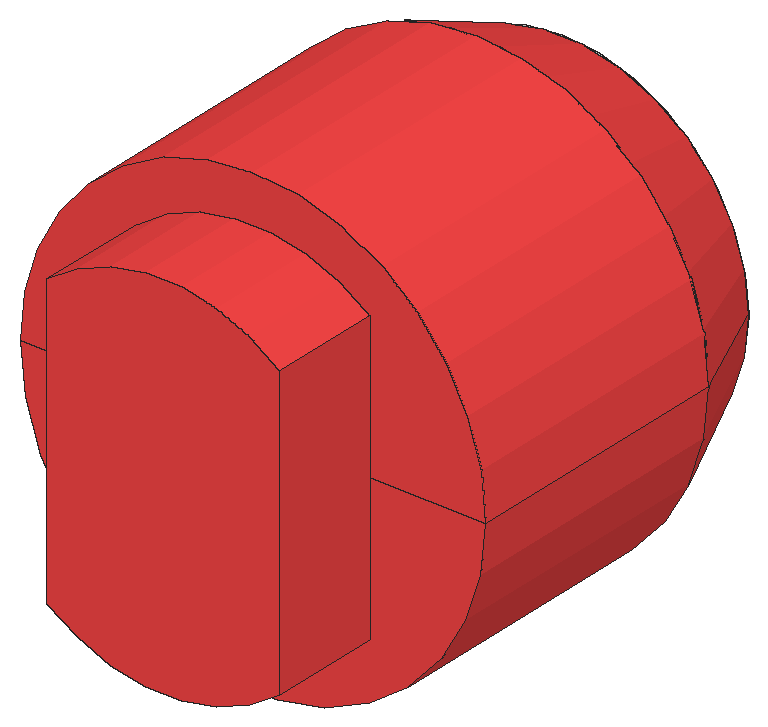
Revit family "CWSS-RR-W4 ENScape optisk-akustisk signalgiver rød IP65_Vegg", category Fire Alarm Devices, Revit 2016
Family settings
  Maintain Annotation Orientation = Yes
  Part Type = Normal
  Round Connector Dimension = Use Diameter
  OmniClass Number = 23.85.30.21.11.17
  OmniClass Title = Other Components
  Work Plane-Based = No
  Always vertical = No
  Cut with Voids When Loaded = No
  Shared = No
  Room Calculation Point = No
Parameters (values of type "Optisk signalgiver")
  Type Comments = "-XH"
  Reference Line Out [instance] = 45.00 mm
  NS8360 = "5423_XN2"
  Manufacturer = "Honeywell"
  Keynote = "XN2"
  IP r = CQ Length A / 2 - 10.00 mm  # 40.00 mm
  CQ Symbol Positive Direction [instance] = yes
  CQ Symbol Offset Side [instance] = 0.00 mm
  CQ Symbol Offset Out [instance] = 0.00 mm
  CQ Material = Plastic - Red
  CQ Length B = 98.00 mm
  CQ Length A = 100.00 mm
  Assembly Code = "5423"
Reference planes
  plane 1 "Center (Front/Back)": y = 0
  plane 2: z = 0
  plane 3 "Center (Left/Right)": x = 0
  plane 4: x = -50
  plane 5: x = 50
  plane 6: y = 98
  plane 7: y = 83
  plane 8: y = -24
Forms (mm)
  Revolve 1, solid, material "Plastic - Red" <- "CQ Material"
    sketch origin (0, 0, 0) x (1, 0, 0) y (0, -1, 0)
      loop
        line (0, 0) -> (0, -83) -> (40, -83) -> (50, -60) -> (50, 0) -> (0, 0)
      axis (0, -83) -> (0, 0)
    angle from 0 to 360
  Revolve 2, solid, material "Plastic White Transparent"
    sketch origin (0, 0, 0) x (1, 0, 0) y (0, 1, 0)
      loop
        line (0, 83) -> (40, 83)
        arc (40, 83) -> (21.893, 94.121) -> (1, 98) r 58.2
        line (1, 98) -> (0, 98) -> (0, 83)
      axis (0, 98) -> (0, 83)
    angle from 0 to 360
  Extrusion 3, solid, material "Plastic - Red" <- "CQ Material"
    sketch origin (0, 0, 0) x (1, 0, 0) y (0, 0, 1)
      loop
        arc (25, 31.225) -> (0, 40) -> (-25, 31.225) r 40
        line (-25, 31.225) -> (-25, -31.225)
        arc (-25, -31.225) -> (0, -40) -> (25, -31.225) r 40
        line (25, -31.225) -> (25, 31.225)
    from 0 to 24
Cuts and joins
  joined: Revolve 1, Extrusion 3
Lines and regions (mm)
  model lines, style "InvisibleLines"
    curve 1: line (0, 0, 0) -> (0, 45, 0)
Dimensions and locks
  "Reference Line Out": plane 1 "Center (Front/Back)" to curve 1
  "CQ Length B": plane 6 to plane 1 "Center (Front/Back)"
  plane 6 to plane 7 = 15.00 mm
  equal spacing: plane 4, plane 3 "Center (Left/Right)", plane 5
  "CQ Length A": plane 4 to plane 5
  plane 8 to plane 1 "Center (Front/Back)" = 24.00 mm
  Extrusion 3 sketch curve to plane 4 = 25.00 mm
  locked: Extrusion 3 sketch curve to plane 5 at 25
  radius of Extrusion 3 sketch curve = 40.00 mm
  "IP r": radius of Extrusion 3 sketch curve
  aligned and locked: level to plane 2
  aligned and locked: curve 1 to plane 3 "Center (Left/Right)"
  aligned and locked: plane 1 "Center (Front/Back)" to curve 1
  aligned and locked: curve 1 to plane 2
  aligned and locked: plane 1 "Center (Front/Back)" to Revolve 1 sketch curve
  aligned and locked: plane 3 "Center (Left/Right)" to nested 1
  aligned and locked: plane 1 "Center (Front/Back)" to nested 1
  aligned and locked: Revolve 1 sketch curve to plane 7
  aligned and locked: Revolve 1 sketch curve to plane 3 "Center (Left/Right)"
  aligned and locked: nested 1 to Revolve 2 sketch curve
  aligned and locked: Revolve 2 sketch curve to plane 7
  aligned and locked: Revolve 2 sketch curve to plane 6
  aligned and locked: cut or joined group of Revolve 1, Extrusion 3 to plane 8
Automatic sketch dimensions
  Revolve 1 sketch curve to plane 3 "Center (Left/Right)" = 0.00 mm
  Revolve 1 sketch curve to plane 5 = 0.00 mm
  plane 5 to Revolve 1 sketch curve = 10.00 mm
  plane 7 to Revolve 1 sketch curve = 23.00 mm
  Revolve 1 sketch curve to plane 6 = 15.00 mm
  Revolve 1 sketch curve to Revolve 1 sketch curve = 38.00 mm
  Revolve 2 sketch curve to plane 3 "Center (Left/Right)" = 0.00 mm
  plane 3 "Center (Left/Right)" to Revolve 2 sketch curve = 1.00 mm
  Revolve 2 sketch curve to plane 1 "Center (Front/Back)" = 39.80 mm
  Revolve 2 sketch curve to plane 6 = 3.38 mm
  Revolve 2 sketch curve to Revolve 2 sketch curve = 20.00 mm
  Extrusion 3 sketch curve to Extrusion 3 sketch curve = 0.00 mm  (x2)
  Extrusion 3 sketch curve to level = 0.00 mm
  Extrusion 3 sketch curve to plane 3 "Center (Left/Right)" = 0.00 mm
Nested families
  nested 1: "Optisk alarmapparat" at (0, 0, 0), type "Type 1"
Connectors
  electrical at (0, 0, 0)
    settings: index 1, voltage 0 V, apparent load 0 VA, apparent load phase1 0 VA, apparent load phase2 0 VA, apparent load phase3 0 VA, power factor 1, load classification "Other", number of poles 1, system type 11, power factor state 1, is connector primary yes, connector utility no, sub classification motor no, connector description ""
Definition of nested family "Optisk alarmapparat"
  Parameters
    CQ Symbol Positive Direction = yes
    CQ Symbol Negative Direction = not(CQ Symbol Positive Direction)  # no
    CQ Symbol Offset Side = 0.00 mm
    CQ Symbol Offset Out = 1.00 mm
  Reference planes
    plane 1: y = 0
    plane 2: x = 0
  Dimensions and locks
    "CQ Symbol Offset Out": plane 1 to nested 2
    "CQ Symbol Offset Out": plane 1 to nested 1
    "CQ Symbol Offset Side": plane 2 to nested 1
    "CQ Symbol Offset Side": nested 2 to plane 2
  Nested families
    nested 1: "Optisk AlarmapparatSub" at (0, 1, 0), visible <- "CQ Symbol Positive Direction", type "Type 1"
    nested 2: "Optisk AlarmapparatSub" at (0, 1, 0), visible <- "CQ Symbol Negative Direction", type "Type 1"
  Definition of nested family "Optisk AlarmapparatSub"
    Reference planes
      plane 1: y = 0
      plane 2: x = 0
    Lines and regions (mm)
      detail lines
        curve 1: circle (0, 2.5, 0) r 2.5 normal (0, 0, 1)
        curve 2: line (-1.768, 4.268, 0) -> (1.768, 0.732, 0)
        curve 3: line (-1.768, 0.732, 0) -> (1.768, 4.268, 0)
        curve 4: line (-0.001, 5.5, 0) -> (4.748, 5.5, 0)
    Text (mm)
      text "PL" at (1.733, 7.087, 0)
